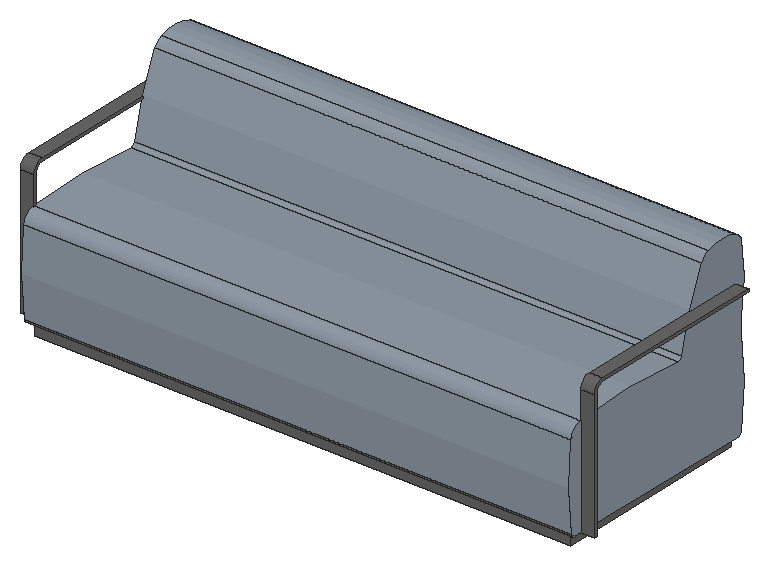
Revit family "FU_Modular_Sandler_Pau 1440TA", category Furniture, Revit 2022
Family settings
  OmniClass Number = 23.40.20.00
  OmniClass Title = General Furniture and Specialties
  Work Plane-Based = No
  Always vertical = Yes
  Cut with Voids When Loaded = No
  Render Appearance Source = Family Geometry
  Shared = No
  Room Calculation Point = No
Parameters (values of type "PAU 1440TA")
  Width = 2100 mm
  URL = "https://www.sandlerseating.com/product/pau1440/"
  Seat [instance] = Fabric - Gravity - Frozen CPC27
  Model = "PAU1440TA"
  Manufacturer = "Sandler"
  Height = 720 mm
  Description = "Upholstered armchair with steel armrests. Width 210cm / 82.7\"."
  Depth = 800 mm
  Default Elevation = 0 mm
  Base [instance] = Lacquer - W1 - B00 Black
Reference planes
  plane 1 "Center (Front/Back)": y = 0
  plane 2: z = 0
  plane 3 "Center (Left/Right)": x = 0
  plane 4 "Seat Right": x = -1000
  plane 5 "Seat Left": x = 1000
  plane 6 "Back": y = 400
  plane 7 "Front": y = -400
  plane 8 "Height": z = 720
  plane 9 "Seat height": z = 420
  plane 10 "Base Right": x = -979
  plane 11 "Base Back": y = 366.687
  plane 12 "Base Left": x = 979
  plane 13 "Base Front": y = -366.901
  plane 14 "Base Top": z = 40
  plane 15 "Right": x = -1050
  plane 16 "Left": x = 1050
Forms (mm)
  Extrusion 1, solid, material "Lacquer - W1 - B00 Black" <- "Base"
    sketch origin (0, 0, 0) x (1, 0, 0) y (0, 1, 0)
      loop
        line (-979, 366.687) -> (-979, -366.901) -> (979, -366.901) -> (979, 366.687) -> (-979, 366.687)
    from 0 to 40
  Extrusion 2, solid, material "Fabric - Gravity - Frozen CPC27" <- "Seat"
    sketch origin (0, 0, 0) x (0, 1, 0) y (0, 0, 1)
      loop
        arc (-347.109, 408.238) -> (-376.551, 394.157) -> (-391.033, 364.911) r 50
        arc (-391.033, 364.911) -> (-399.905, 208.642) -> (-386.679, 52.681) r 1108.576
        arc (-386.679, 52.681) -> (-381.612, 43.603) -> (-371.859, 40) r 15
        line (-371.859, 40) -> (374.029, 40)
        arc (374.029, 40) -> (380.395, 42.288) -> (383.848, 48.104) r 10
        arc (383.848, 48.104) -> (399.882, 210.98) -> (385.633, 374.022) r 884.51
        arc (385.633, 374.022) -> (383.344, 399.87) -> (385.795, 425.704) r 142.036
        arc (385.795, 425.704) -> (397.5, 553.207) -> (385.031, 680.637) r 678.162
        arc (385.031, 680.637) -> (378.627, 694.761) -> (366.547, 704.486) r 33.492
        arc (366.547, 704.486) -> (302.388, 719.935) -> (237.455, 708.154) r 159.868
        arc (237.455, 708.154) -> (220.834, 697.678) -> (208.813, 682.137) r 56.417
        arc (208.813, 682.137) -> (152.848, 552.661) -> (116.957, 416.25) r 936.801
        arc (116.957, 416.25) -> (111.022, 406.829) -> (100.228, 404.095) r 15
        arc (100.228, 404.095) -> (-123.313, 419.929) -> (-347.109, 408.238) r 1824.42
    from -1000 to 1000
  Extrusion 3, solid, material "Lacquer - W1 - B00 Black" <- "Base"
    sketch origin (-1050, 0, 0) x (0, -1, 0) y (0, 0, 1)
      loop
        line (345.29, 40) -> (345.29, 509.244)
        arc (345.29, 509.244) -> (333.867, 536.821) -> (306.29, 548.244) r 39
        line (306.29, 548.244) -> (-357.073, 548.244) -> (-357.073, 538.209) -> (305.769, 538.209)
        arc (305.769, 538.209) -> (326.983, 529.422) -> (335.769, 508.209) r 30
        line (335.769, 508.209) -> (335.769, 40) -> (345.29, 40)
    from -50 to 0
  Extrusion 4, solid, material "Lacquer - W1 - B00 Black" <- "Base"
    sketch origin (1050, 0, 0) x (0, 1, 0) y (0, 0, 1)
      loop
        line (-345.29, 40) -> (-335.769, 40) -> (-335.769, 508.209)
        arc (-335.769, 508.209) -> (-326.983, 529.422) -> (-305.769, 538.209) r 30
        line (-305.769, 538.209) -> (357.073, 538.209) -> (357.073, 548.244) -> (-306.29, 548.244)
        arc (-306.29, 548.244) -> (-333.867, 536.821) -> (-345.29, 509.244) r 39
        line (-345.29, 509.244) -> (-345.29, 40)
    from -50 to 0
Dimensions and locks
  equal spacing: plane 6 "Back", plane 1 "Center (Front/Back)", plane 7 "Front"
  "Depth": plane 6 "Back" to plane 7 "Front"
  "Height": plane 8 "Height" to level
  plane 9 "Seat height" to level = 420 mm
  locked: plane 6 "Back" to plane 11 "Base Back" at 33.313
  locked: plane 13 "Base Front" to plane 7 "Front" at 33.099
  plane 15 "Right" to plane 4 "Seat Right" to plane 10 "Base Right" = 50 mm locked, 21 mm locked
  plane 12 "Base Left" to plane 5 "Seat Left" to plane 16 "Left" = 21 mm locked, 50 mm locked
  "Width": plane 15 "Right" to plane 16 "Left"
  equal spacing: plane 10 "Base Right", plane 3 "Center (Left/Right)", plane 12 "Base Left"
  aligned and locked: level to plane 2
  aligned and locked: Extrusion 1 sketch curve to plane 11 "Base Back"
  aligned and locked: Extrusion 1 sketch curve to plane 10 "Base Right"
  aligned and locked: Extrusion 1 sketch curve to plane 13 "Base Front"
  aligned and locked: Extrusion 1 sketch curve to plane 12 "Base Left"
  aligned and locked: plane 4 "Seat Right" to Extrusion 2
  aligned and locked: Extrusion 2 to plane 5 "Seat Left"
  aligned and locked: Extrusion 3 to plane 4 "Seat Right"
  aligned and locked: plane 15 "Right" to Extrusion 3
  aligned and locked: plane 16 "Left" to Extrusion 4
  aligned and locked: plane 5 "Seat Left" to Extrusion 4
Automatic sketch dimensions
  plane 14 "Base Top" to Extrusion 2 sketch curve = 0 mm
  Extrusion 2 sketch curve to plane 7 "Front" = 84.615 mm
  Extrusion 2 sketch curve to plane 13 "Base Front" = 4.958 mm
  plane 13 "Base Front" to Extrusion 2 sketch curve = 25.463 mm
  plane 13 "Base Front" to Extrusion 2 sketch curve = 86.242 mm
  plane 1 "Center (Front/Back)" to Extrusion 2 sketch curve = 140.209 mm
  Extrusion 2 sketch curve to plane 9 "Seat height" = 1.036 mm
  Extrusion 2 sketch curve to plane 1 "Center (Front/Back)" = 102.204 mm
  plane 11 "Base Back" to Extrusion 2 sketch curve = 107.92 mm
  plane 11 "Base Back" to Extrusion 2 sketch curve = 68.841 mm
  plane 11 "Base Back" to Extrusion 2 sketch curve = 14.533 mm
  Extrusion 2 sketch curve to plane 11 "Base Back" = 7.342 mm
  Extrusion 2 sketch curve to plane 9 "Seat height" = 20.575 mm
  plane 6 "Back" to Extrusion 2 sketch curve = 125.379 mm
  Extrusion 2 sketch curve to Extrusion 2 sketch curve = 183.184 mm
  Extrusion 2 sketch curve to Extrusion 2 sketch curve = 329.735 mm
  Extrusion 2 sketch curve to level = 1404.412 mm
  Extrusion 2 sketch curve to plane 14 "Base Top" = 10 mm
  Extrusion 2 sketch curve to plane 14 "Base Top" = 15 mm
  Extrusion 2 sketch curve to plane 14 "Base Top" = 175.825 mm
  Extrusion 2 sketch curve to plane 14 "Base Top" = 184.101 mm
  Extrusion 2 sketch curve to plane 9 "Seat height" = 173.236 mm
  Extrusion 2 sketch curve to plane 9 "Seat height" = 61.44 mm
  plane 9 "Seat height" to Extrusion 2 sketch curve = 131.174 mm
  plane 9 "Seat height" to Extrusion 2 sketch curve = 140.132 mm
  Extrusion 2 sketch curve to plane 8 "Height" = 64.082 mm
  Extrusion 2 sketch curve to plane 8 "Height" = 45.757 mm
  plane 7 "Front" to Extrusion 2 sketch curve = 8.967 mm
  Extrusion 2 sketch curve to Extrusion 2 sketch curve = 0 mm  (x10)
  plane 14 "Base Top" to Extrusion 3 sketch curve = 0 mm
  plane 11 "Base Back" to Extrusion 3 sketch curve = 9.614 mm
  plane 13 "Base Front" to Extrusion 3 sketch curve = 61.132 mm
  Extrusion 3 sketch curve to Extrusion 3 sketch curve = 0.521 mm
  plane 13 "Base Front" to Extrusion 3 sketch curve = 31.132 mm
  Extrusion 3 sketch curve to Extrusion 3 sketch curve = 9.521 mm
  plane 9 "Seat height" to Extrusion 3 sketch curve = 88.209 mm
  Extrusion 3 sketch curve to Extrusion 3 sketch curve = 1.035 mm
  plane 14 "Base Top" to Extrusion 4 sketch curve = 0 mm
  plane 13 "Base Front" to Extrusion 4 sketch curve = 21.611 mm
  Extrusion 4 sketch curve to Extrusion 4 sketch curve = 9.521 mm
  Extrusion 4 sketch curve to Extrusion 4 sketch curve = 29.479 mm
  Extrusion 4 sketch curve to Extrusion 4 sketch curve = 0.521 mm
  plane 11 "Base Back" to Extrusion 4 sketch curve = 9.614 mm
  plane 9 "Seat height" to Extrusion 4 sketch curve = 88.209 mm
  Extrusion 4 sketch curve to Extrusion 4 sketch curve = 1.035 mm
